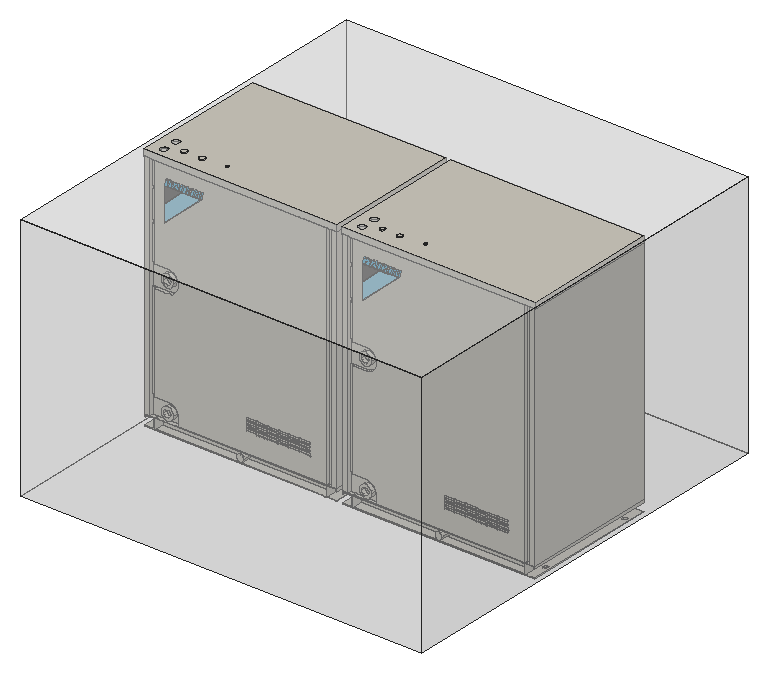
Revit family "outputfile", category 機械設備, Revit 2024
Family settings
  丸型コネクタ寸法 = 半径を使用
  種別 = なし
  パーツ タイプ = 標準
  OmniClass 番号 = 23.75.10.24.21.27.27
  OmniClass タイトル = Split System Air Conditioning Units
  作業面ベース = いいえ
  常に垂直 = はい
  ロード時にボイドで切り取り = いいえ
  注釈の向きを維持 = いいえ
  共有 = いいえ
  部屋計算ポイント = いいえ
Parameters (values of type "RWEYQ18TYM")
  製造元 = "Daikin"
  書き出し IFC クラス(タイプ) = "IfcUnitaryEquipmentType"
  定義済み IFC タイプ(タイプ) = "AIRCONDITIONINGUNIT"
  モデル = "RWEYQ18TYM"
  w_unit2 = 780.0 mm
  w_unit1 = 780.0 mm
  switch_unit2_6-8 [instance] = if(Reverse_ModuleSequence, if(default_unit1 = 1, 1 = 1, 1 = 0), if(default_unit2 = 1, 1 = 1, 1 = 0))  # yes
  switch_unit2_12 [instance] = if(Reverse_ModuleSequence, if(default_unit1 = 3, 1 = 1, 1 = 0), if(default_unit2 = 3, 1 = 1, 1 = 0))  # no
  switch_unit2_10 [instance] = if(Reverse_ModuleSequence, if(default_unit1 = 2, 1 = 1, 1 = 0), if(default_unit2 = 2, 1 = 1, 1 = 0))  # no
  switch_unit1_6-8 [instance] = if(Reverse_ModuleSequence, if(default_unit2 = 1, 1 = 1, 1 = 0), if(default_unit1 = 1, 1 = 1, 1 = 0))  # no
  switch_unit1_12 [instance] = if(Reverse_ModuleSequence, if(default_unit2 = 3, 1 = 1, 1 = 0), if(default_unit1 = 3, 1 = 1, 1 = 0))  # no
  switch_unit1_10 [instance] = if(Reverse_ModuleSequence, if(default_unit2 = 2, 1 = 1, 1 = 0), if(default_unit1 = 2, 1 = 1, 1 = 0))  # yes
  r_Water Outlet Pipe Connection_unit2 [instance] = Water Outlet Pipe Connection_Unit2 / 2  # 15.9 mm
  r_Water Outlet Pipe Connection_unit1 [instance] = Water Outlet Pipe Connection_Unit1 / 2  # 15.9 mm
  r_Water Inlet Pipe Connection_unit2 [instance] = Water Inlet Pipe Connection_Unit2 / 2  # 15.9 mm
  r_Water Inlet Pipe Connection_unit1 [instance] = Water Inlet Pipe Connection_Unit1 / 2  # 15.9 mm
  r_Liquid Pipe Size_unit2 [instance] = Liquid Pipe Size_Unit 2 / 2  # 4.75 mm
  r_HP/LP Gas Pipe Size_unit2 [instance] = [HP/LP Gas Pipe Size_Unit 2] / 2  # 9.55 mm
  r_HP/LP Gas Pipe Size_unit1 [instance] = [HP/LP Gas Pipe Size_Unit 1] / 2  # 11.1 mm
  r_Gas Pipe Size_unit2 [instance] = Gas Pipe Size_Unit 2 / 2  # 9.55 mm
  r_Drain Pipe Size = Drain Pipe Size / 2  # 6.35 mm
  lw_powersupply2 = 51.0 mm
  lw_liquidpipe2 = 274.0 mm
  lw_gaspipe2 [instance] = if(Heat Pump, 107.0 mm, 178.0 mm)  # 107.0 mm
  lw_Water Outlet2 = 95.0 mm
  lw_Water Outlet1 = 95.0 mm
  lw_Water Inlet2 = 95.0 mm
  lw_Water Inlet1 = 95.0 mm
  lw_HP/LP Gas Pipe2 [instance] = if(Heat Pump, 178.0 mm, 107.0 mm)  # 178.0 mm
  lw_HP/LP Gas Pipe1 [instance] = if(Heat Pump, 178.0 mm, 107.0 mm)  # 178.0 mm
  lw_Drain2 = 390.0 mm
  lw_Drain1 = 390.0 mm
  ld_HP/LP Gas Pipe = 69.0 mm
  h_mountinghole = [h_***] + 2.3 mm  # 2.3 mm
  r_Liquid Pipe Size_unit1 [instance] = Liquid Pipe Size_Unit 1 / 2  # 4.75 mm
  r_Gas Pipe Size_unit1 [instance] = Gas Pipe Size_Unit 1 / 2  # 11.1 mm
  distance_unit1-2 [instance] = 20.0 mm
  default_unit2 = 1
  default_unit1 = 2
  default_Water Outlet Pipe Connection_Unit 2 = 31.8 mm
  default_Water Outlet Pipe Connection_Unit 1 = 31.8 mm
  default_Water Inlet Pipe Connection_Unit 2 = 31.8 mm
  default_Water Inlet Pipe Connection_Unit 1 = 31.8 mm
  default_Model_Unit 2 = "RWEYQ8TYM"
  default_Model_Unit 1 = "RWEYQ10TYM"
  default_Liquid Pipe Size_Unit 2 = 9.5 mm
  default_Liquid Pipe Size_Unit 1 = 9.5 mm
  default_HP/LP Gas Pipe Size_Unit 2 [instance] = if(and(Heat Pump, [switch_unit2_6-8]), 19.1 mm, if(and(Heat Pump, switch_unit2_10), 22.2 mm, if(and(Heat Pump, switch_unit2_12), 22.2 mm, if(and(Heat Recovery, [switch_unit2_6-8]), 15.9 mm, if(and(Heat Recovery, switch_unit2_10), 19.1 mm, if(and(Heat Recovery, switch_unit2_12), 19.1 mm, 19.1 mm))))))  # 19.1 mm
  default_HP/LP Gas Pipe Size_Unit 1 [instance] = if(and(Heat Pump, [switch_unit1_6-8]), 19.1 mm, if(and(Heat Pump, switch_unit1_10), 22.2 mm, if(and(Heat Pump, switch_unit1_12), 22.2 mm, if(and(Heat Recovery, [switch_unit1_6-8]), 15.9 mm, if(and(Heat Recovery, switch_unit1_10), 19.1 mm, if(and(Heat Recovery, switch_unit1_12), 19.1 mm, 19.1 mm))))))  # 22.2 mm
  default_Gas Pipe Size_Unit 2 = 19.1 mm
  default_Gas Pipe Size_Unit 1 = 22.2 mm
  angle_Drain [instance] = if(Rear Connection_Drain, 180.00°, 0.00°)  # 0.00°
  Water Outlet Pipe Connection_Unit2 [instance] = if(Reverse_ModuleSequence, default_Water Inlet Pipe Connection_Unit 1, default_Water Inlet Pipe Connection_Unit 2)  # 31.8 mm
  Water Outlet Pipe Connection_Unit1 [instance] = if(Reverse_ModuleSequence, default_Water Outlet Pipe Connection_Unit 2, default_Water Outlet Pipe Connection_Unit 1)  # 31.8 mm
  Water Inlet Pipe Connection_Unit2 [instance] = if(Reverse_ModuleSequence, default_Water Outlet Pipe Connection_Unit 1, default_Water Outlet Pipe Connection_Unit 2)  # 31.8 mm
  Water Inlet Pipe Connection_Unit1 [instance] = if(Reverse_ModuleSequence, default_Water Inlet Pipe Connection_Unit 2, default_Water Inlet Pipe Connection_Unit 1)  # 31.8 mm
  Voltage_comment_60Hz = "380"
  Voltage_comment_50Hz = "380-415"
  Voltage_60Hz = 380 V
  Voltage_50Hz = 400 V
  Top Connection_powersupply2 [instance] = not(Top Connection_powersupply1)  # no
  Sound Power Level (dB) = 74
  Reverse_ModuleSequence [instance] = no
  Rear Connection_Drain [instance] = not(Front Connection_Drain)  # no
  Power Input (Heating) = 9.580 kW
  Phase_60Hz = 3
  Phase_50Hz = 3
  Nominal Heating Capacity = 56.500 kW
  Model_Unit 2 [instance] = if(Reverse_ModuleSequence, default_Model_Unit 1, default_Model_Unit 2)  # "RWEYQ8TYM"
  Model_Unit 1 [instance] = if(Reverse_ModuleSequence, default_Model_Unit 2, default_Model_Unit 1)  # "RWEYQ10TYM"
  Minimum Circuit Amps_60Hz = 27.3 A
  Minimum Circuit Amps_50Hz = 27.3 A
  Maximum Fuse Amps_60Hz = 35.0 A
  Maximum Fuse Amps_50Hz = 35.0 A
  Material_Heat Exchanger = DAIKIN_Blue_HE_outdoorunit
  Material_Casing = DAIKIN_IvoryWhite_Casing_outdoorunit
  lw_powersupply1 = 51.0 mm
  lw_liquidpipe1 = 274.0 mm
  lw_gaspipe1 [instance] = if(Heat Pump, 107.0 mm, 178.0 mm)  # 107.0 mm
  lh_powersupply = 940.0 mm
  ld_powersupply [instance] = if(Top Connection_powersupply1, 38.0 mm, 98.0 mm)  # 38.0 mm
  ld_liquidpipe = 79.0 mm
  ld_gaspipe = 69.0 mm
  h_*** = 0.0 mm
  Width [instance] = [distance_unit1-2] + w_unit1 + w_unit2  # 1580.0 mm
  Version = "ver.1.0"
  Unit Type = ""
  Unit Mass Weight = 293.00 kg
  Unit Designation [instance] = ""
  Uniclass2015Version = "Products v1.30"
  Uniclass2015Title = "Variable refrigerant flow units"
  Uniclass2015Code = "Pr_70_65_03_94"
  Total Cooling Capacity [instance] = 0.000 kW
  Sound Pressure Level (dBA) = 54
  Series = "VRV Heat Recovery"
  Refrigerant_Base Charge = 7.700 kg
  Refrigerant_Additional Charge [instance] = 0.000 kg
  Refrigerant Type = "R410A"
  Power Input (Cooling) = 9.290 kW
  Option Accessory 3 [instance] = ""
  Option Accessory 2 [instance] = ""
  Option Accessory 1 [instance] = ""
  Nominal Cooling Capacity = 50.400 kW
  Load Classification = HVAC
  Liquid Pipe Size_Unit 2 [instance] = if(Reverse_ModuleSequence, default_Liquid Pipe Size_Unit 1, default_Liquid Pipe Size_Unit 2)  # 9.5 mm
  Liquid Pipe Size_Unit 1 [instance] = if(Reverse_ModuleSequence, default_Liquid Pipe Size_Unit 2, default_Liquid Pipe Size_Unit 1)  # 9.5 mm
  Link_Nested Family [instance] = ""
  IfcVersion = ""
  IfcExportType = "AIRCONDITIONINGUNIT"
  IfcExportAs = "IfcUnitaryEquipmentType"
  Height = 1000.0 mm
  Heat Recovery [instance] = not(Heat Pump)  # no
  Heat Pump [instance] = yes
  Heat Exchanger Type = "Stainless Steel Plate"
  HP/LP Gas Pipe Size_Unit 2 [instance] = [default_HP/LP Gas Pipe Size_Unit 2]  # 19.1 mm
  HP/LP Gas Pipe Size_Unit 1 [instance] = [default_HP/LP Gas Pipe Size_Unit 1]  # 22.2 mm
  Gas Pipe Size_Unit 2 [instance] = if(Reverse_ModuleSequence, default_Gas Pipe Size_Unit 1, default_Gas Pipe Size_Unit 2)  # 19.1 mm
  Gas Pipe Size_Unit 1 [instance] = if(Reverse_ModuleSequence, default_Gas Pipe Size_Unit 2, default_Gas Pipe Size_Unit 1)  # 22.2 mm
  Top Connection_powersupply1 [instance] = yes
  Front Connection_Drain [instance] = yes
  Frequency_60Hz = 60 Hz
  Frequency_50Hz = 50 Hz
  Drain Pipe Size = 12.7 mm
  Depth = 550.0 mm
  既定の高さ = 0.0 mm
  Cooling Ambient Wet Bulb Temperature [instance] = 0.00 °C
  Cooling Ambient Dry Bulb Temperature [instance] = 0.00 °C
  Compressor Type = "Hermetically Sealed Scroll Type"
  Clearance visibility [instance] = yes
  Clearance Top = 0.0 mm
  Clearance Right = 20.0 mm
  Clearance Rear = 500.0 mm
  Clearance Left = 20.0 mm
  Clearance Front = 600.0 mm
  Clearance Bottom = 0.0 mm
  CU Tag No. [instance] = ""
Reference planes
  plane 1 "Center (Front/Back)": y = 0
  plane 2 "h_***": z = 0
  plane 3 "Center (Left/Right)": x = 0
  plane 4 "Back": y = 275
  plane 5 "Front": y = -275
  plane 6 "Left": x = -390
  plane 7 "w_unit1": x = 390
  plane 8 "Top": z = 1000
  plane 9 "Clearance Rear": y = 775
  plane 10 "Clearance Front": y = -875
  plane 11 "Clearance Left": x = -410
  plane 12 "Clearance Right": x = 1210
  plane 13 "Clearance Top": z = 1000
  plane 14 "Clearance Bottom": z = 0
  plane 15 "Bottom": z = 0
  plane 16 "lw_powersupply1": x = -339
  plane 17 "ld_powersupply": y = -237
  plane 18 "lw_liquidpipe1": x = -116
  plane 19 "Rear Connection_refrigetant": y = -196
  plane 20 "lw_gaspipe1": x = -283
  plane 21 "ld_gaspipe": y = -206
  plane 22 "lh_logo": z = 900
  plane 23 "lw_logo": x = 100
  plane 24 "lh_powersupply": z = 940
  plane 25 "lw_HP/LP Gas Pipe1": x = -212
  plane 26 "ld_HP/LP Gas Pipe": y = -206
  plane 27 "l_unit2": x = 410
  plane 28 "Right": x = 1190
  plane 29 "lw_powersupply2": x = 461
  plane 30 "lw_liquidpipe2": x = 684
  plane 31 "lw_gaspipe2": x = 517
  plane 32 "lw_HP/LP Gas Pipe2": x = 588
  plane 33 "lw_Water Inlet1": x = -295
  plane 34 "lw_Water Outlet1": x = -295
  plane 35 "lw_Drain1": x = 0
  plane 36 "lw_Water Inlet2": x = 505
  plane 37 "lw_Water Outlet2": x = 505
  plane 38 "lw_Drain2": x = 800
Dimensions and locks
  equal spacing: plane 4 "Back", plane 1 "Center (Front/Back)", plane 5 "Front"
  "Depth": plane 4 "Back" to plane 5 "Front"
  equal spacing: plane 6 "Left", plane 3 "Center (Left/Right)", plane 7 "w_unit1"
  "w_unit1": plane 6 "Left" to plane 7 "w_unit1"
  "Clearance Rear": plane 9 "Clearance Rear" to plane 4 "Back"
  "Clearance Front": plane 10 "Clearance Front" to plane 5 "Front"
  "Clearance Left": plane 11 "Clearance Left" to plane 6 "Left"
  "Clearance Top": plane 13 "Clearance Top" to plane 8 "Top"
  "h_***": plane 15 "Bottom" to plane 2 "h_***"
  "Height": plane 8 "Top" to plane 15 "Bottom"
  "Clearance Bottom": plane 15 "Bottom" to plane 14 "Clearance Bottom"
  "ld_powersupply": plane 17 "ld_powersupply" to plane 5 "Front"
  "ld_liquidpipe": plane 19 "Rear Connection_refrigetant" to plane 5 "Front"
  "ld_gaspipe": plane 21 "ld_gaspipe" to plane 5 "Front"
  locked: plane 23 "lw_logo" to plane 7 "w_unit1" at 290
  locked: plane 22 "lh_logo" to plane 15 "Bottom" at 900
  "lw_gaspipe1": plane 6 "Left" to plane 20 "lw_gaspipe1"
  "lw_liquidpipe1": plane 6 "Left" to plane 18 "lw_liquidpipe1"
  "lw_powersupply1": plane 6 "Left" to plane 16 "lw_powersupply1"
  "lh_powersupply": plane 24 "lh_powersupply" to plane 15 "Bottom"
  "lw_HP/LP Gas Pipe1": plane 6 "Left" to plane 25 "lw_HP/LP Gas Pipe1"
  "ld_HP/LP Gas Pipe": plane 26 "ld_HP/LP Gas Pipe" to plane 5 "Front"
  "distance_unit1-2": plane 7 "w_unit1" to plane 27 "l_unit2"
  "Clearance Right": plane 28 "Right" to plane 12 "Clearance Right"
  "Width": plane 6 "Left" to plane 28 "Right"
  "lw_powersupply2": plane 27 "l_unit2" to plane 29 "lw_powersupply2"
  "lw_HP/LP Gas Pipe2": plane 27 "l_unit2" to plane 32 "lw_HP/LP Gas Pipe2"
  "lw_gaspipe2": plane 27 "l_unit2" to plane 31 "lw_gaspipe2"
  "lw_liquidpipe2": plane 27 "l_unit2" to plane 30 "lw_liquidpipe2"
  "lw_Water Inlet1": plane 6 "Left" to plane 33 "lw_Water Inlet1"
  "lw_Water Outlet1": plane 6 "Left" to plane 34 "lw_Water Outlet1"
  "lw_Drain1": plane 6 "Left" to plane 35 "lw_Drain1"
  "lw_Water Inlet2": plane 27 "l_unit2" to plane 36 "lw_Water Inlet2"
  "lw_Water Outlet2": plane 27 "l_unit2" to plane 37 "lw_Water Outlet2"
  "lw_Drain2": plane 27 "l_unit2" to plane 38 "lw_Drain2"
  aligned and locked: level to plane 2 "h_***"
  aligned and locked: plane 9 "Clearance Rear" to nested 2
  aligned and locked: nested 2 to plane 10 "Clearance Front"
  aligned and locked: plane 11 "Clearance Left" to nested 2
  aligned and locked: plane 12 "Clearance Right" to nested 2
  aligned and locked: plane 13 "Clearance Top" to nested 2
  aligned and locked: plane 14 "Clearance Bottom" to nested 2
  aligned and locked: plane 8 "Top" to nested 1
  aligned and locked: plane 22 "lh_logo" to nested 7
  aligned and locked: nested 8 to plane 16 "lw_powersupply1"
  aligned and locked: nested 9 to plane 20 "lw_gaspipe1"
  aligned and locked: nested 10 to plane 18 "lw_liquidpipe1"
  aligned and locked: nested 10 to plane 19 "Rear Connection_refrigetant"
  aligned and locked: nested 9 to plane 21 "ld_gaspipe"
  aligned and locked: nested 8 to plane 17 "ld_powersupply"
  aligned and locked: plane 5 "Front" to nested 7
  aligned and locked: plane 24 "lh_powersupply" to nested 8
  aligned and locked: plane 27 "l_unit2" to nested 11
  aligned and locked: nested 17 to plane 29 "lw_powersupply2"
  aligned and locked: nested 17 to plane 17 "ld_powersupply"
  aligned and locked: nested 18 to plane 31 "lw_gaspipe2"
  aligned and locked: nested 18 to plane 26 "ld_HP/LP Gas Pipe"
  aligned and locked: plane 1 "Center (Front/Back)" to nested 20
  aligned and locked: plane 33 "lw_Water Inlet1" to nested 20
  aligned and locked: plane 1 "Center (Front/Back)" to nested 21
  aligned and locked: plane 34 "lw_Water Outlet1" to nested 21
  aligned and locked: plane 1 "Center (Front/Back)" to nested 22
  aligned and locked: plane 35 "lw_Drain1" to nested 22
  aligned and locked: plane 1 "Center (Front/Back)" to nested 23
  aligned and locked: plane 36 "lw_Water Inlet2" to nested 23
  aligned and locked: plane 1 "Center (Front/Back)" to nested 24
  aligned and locked: plane 37 "lw_Water Outlet2" to nested 24
  aligned and locked: plane 1 "Center (Front/Back)" to nested 25
  aligned and locked: plane 38 "lw_Drain2" to nested 25
  aligned and locked: plane 25 "lw_HP/LP Gas Pipe1" to nested 26
  aligned and locked: plane 32 "lw_HP/LP Gas Pipe2" to nested 27
  aligned and locked: nested 26 to plane 26 "ld_HP/LP Gas Pipe"
  aligned and locked: nested 27 to plane 26 "ld_HP/LP Gas Pipe"
Nested families
  nested 1: "DAIKIN_outdoorunit_RWEYQ-TYM" at (-31, 0, 0), h_*** <- "h_***", Link_Nest <- "Link_Nested Family", h_mountinghole <- "h_mountinghole", Width <- "w_unit1", switch_unit1_6-8 <- "switch_unit1_6-8", switch_unit1_10 <- "switch_unit1_10", switch_unit1_12 <- "switch_unit1_12", type "RWEYQ-TYM"
    with switch_unit1_6-8 no, switch_unit1_12 no, switch_unit1_10 yes, show_fixedhole yes, h_mountinghole 2.3 mm, h_antenna_mountinghole 998.7 mm, h_*** 0.0 mm, array_bolt 5, Width 780.0 mm, Liquid Pipe Size_Unit 1 9.5 mm, Link_Nest "", HP/LP Pipe Size_Unit 1 22.2 mm, Gas Pipe Size_Unit 1 22.2 mm
  nested 2: "daikin_clearancespace" at (400, -50, 500.119), visible <- "Clearance visibility", show <- "Clearance visibility", Link_Nested Family <- "Link_Nested Family", type "daikin_clearancespace"
    with width 1620.0 mm, show yes, height 1000.0 mm, depth 1650.0 mm, Link_Nested Family ""
  nested 3: "daikin_mountinghole" at (-372, 200, 0), type "daikin_mountinghole"
    with show yes, l_antenna 998.7 mm, h_mountinghole 2.3 mm, Link_Nested Family ""
  nested 4: "daikin_mountinghole" at (372, 200, 0), type "daikin_mountinghole"
    with show yes, l_antenna 998.7 mm, h_mountinghole 2.3 mm, Link_Nested Family ""
  nested 5: "daikin_mountinghole" at (-372, -200, 0), type "daikin_mountinghole"
    with show yes, l_antenna 998.7 mm, h_mountinghole 2.3 mm, Link_Nested Family ""
  nested 6: "daikin_mountinghole" at (372, -200, 0), type "daikin_mountinghole"
    with show yes, l_antenna 998.7 mm, h_mountinghole 2.3 mm, Link_Nested Family ""
  nested 7: "daikin_logo_elevation_w150" at (-212.5, -275, 744.568), type "daikin_logo_elevation_w150"
    with show_logo yes
  nested 8: "daikin_connector_rotate3" at (-339, -237, 940) x (-1, 0, 0) z (0, 0, -1), type "daikin_connector_rotate3"
    with show no, radius 10.0 mm, length 60.0 mm, angle_vertical 0.00°, angle_horizontal 0.00°
  nested 9: "daikin_connector_rotate3" at (-283, -206, 940) x (-1, 0, 0) z (0, 0, -1), radius <- "r_Gas Pipe Size_unit1", type "daikin_connector_rotate3"
    with show no, radius 11.1 mm, length 60.0 mm, angle_vertical 0.00°, angle_horizontal 0.00°
  nested 10: "daikin_connector_rotate3" at (-116, -196, 940) x (-1, 0, 0) z (0, 0, -1), radius <- "r_Liquid Pipe Size_unit1", type "daikin_connector_rotate3"
    with show no, radius 4.75 mm, length 60.0 mm, angle_vertical 0.00°, angle_horizontal 0.00°
  nested 11: "DAIKIN_outdoorunit_RWEYQ-TYM" at (769, 0, 0), Width <- "w_unit2", switch_unit1_6-8 <- "switch_unit2_6-8", switch_unit1_10 <- "switch_unit2_10", switch_unit1_12 <- "switch_unit2_12", type "RWEYQ-TYM"
    with switch_unit1_6-8 yes, switch_unit1_12 no, switch_unit1_10 no, show_fixedhole yes, h_mountinghole 2.3 mm, h_antenna_mountinghole 998.7 mm, h_*** 0.0 mm, array_bolt 5, Width 780.0 mm, Liquid Pipe Size_Unit 1 9.5 mm, Link_Nest "", HP/LP Pipe Size_Unit 1 19.1 mm, Gas Pipe Size_Unit 1 19.1 mm
  nested 12: "daikin_mountinghole" at (428, 200, 0), type "daikin_mountinghole"
    with show yes, l_antenna 998.7 mm, h_mountinghole 2.3 mm, Link_Nested Family ""
  nested 13: "daikin_mountinghole" at (1172, 200, 0), type "daikin_mountinghole"
    with show yes, l_antenna 998.7 mm, h_mountinghole 2.3 mm, Link_Nested Family ""
  nested 14: "daikin_mountinghole" at (428, -200, 0), type "daikin_mountinghole"
    with show yes, l_antenna 998.7 mm, h_mountinghole 2.3 mm, Link_Nested Family ""
  nested 15: "daikin_mountinghole" at (1172, -200, 0), type "daikin_mountinghole"
    with show yes, l_antenna 998.7 mm, h_mountinghole 2.3 mm, Link_Nested Family ""
  nested 16: "daikin_connector_rotate3" at (684, -196, 940) x (-1, 0, 0) z (0, 0, -1), radius <- "r_Liquid Pipe Size_unit2", type "daikin_connector_rotate3"
    with show no, radius 4.75 mm, length 60.0 mm, angle_vertical 0.00°, angle_horizontal 0.00°
  nested 17: "daikin_connector_rotate3" at (461, -237, 940) x (-1, 0, 0) z (0, 0, -1), type "daikin_connector_rotate3"
    with show no, radius 10.0 mm, length 60.0 mm, angle_vertical 0.00°, angle_horizontal 0.00°
  nested 18: "daikin_connector_rotate3" at (517, -206, 940) x (-1, 0, 0) z (0, 0, -1), radius <- "r_Gas Pipe Size_unit2", type "daikin_connector_rotate3"
    with show no, radius 9.55 mm, length 60.0 mm, angle_vertical 0.00°, angle_horizontal 0.00°
  nested 19: "daikin_logo_elevation_w150" at (587.5, -275, 744.568), type "daikin_logo_elevation_w150"
    with show_logo yes
  nested 20: "daikin_connector_rotate3" at (-295, 0, 76), radius <- "r_Water Inlet Pipe Connection_unit1", type "daikin_connector_rotate3"
    with show no, radius 15.9 mm, length 275.0 mm, angle_vertical 90.00°, angle_horizontal 0.00°
  nested 21: "daikin_connector_rotate3" at (-295, 0, 556), radius <- "r_Water Outlet Pipe Connection_unit1", type "daikin_connector_rotate3"
    with show no, radius 15.9 mm, length 275.0 mm, angle_vertical 90.00°, angle_horizontal 0.00°
  nested 22: "daikin_connector_rotate3" at (0, 0, 19), angle_horizontal <- "angle_Drain", radius <- "r_Drain Pipe Size", type "daikin_connector_rotate3"
    with show no, radius 6.35 mm, length 275.0 mm, angle_vertical 90.00°, angle_horizontal 0.00°
  nested 23: "daikin_connector_rotate3" at (505, 0, 76), radius <- "r_Water Inlet Pipe Connection_unit2", type "daikin_connector_rotate3"
    with show no, radius 15.9 mm, length 275.0 mm, angle_vertical 90.00°, angle_horizontal 0.00°
  nested 24: "daikin_connector_rotate3" at (505, 0, 556), radius <- "r_Water Outlet Pipe Connection_unit2", type "daikin_connector_rotate3"
    with show no, radius 15.9 mm, length 275.0 mm, angle_vertical 90.00°, angle_horizontal 0.00°
  nested 25: "daikin_connector_rotate3" at (800, 0, 19), angle_horizontal <- "angle_Drain", radius <- "r_Drain Pipe Size", type "daikin_connector_rotate3"
    with show no, radius 6.35 mm, length 275.0 mm, angle_vertical 90.00°, angle_horizontal 0.00°
  nested 26: "daikin_connector_rotate3" at (-212, -206, 940) x (1, 0, 0) z (0, 0, -1), radius <- "r_HP/LP Gas Pipe Size_unit1", type "daikin_connector_rotate3"
    with show no, radius 11.1 mm, length 60.0 mm, angle_vertical 0.00°, angle_horizontal 0.00°
  nested 27: "daikin_connector_rotate3" at (588, -206, 940) x (1, 0, 0) z (0, 0, -1), radius <- "r_HP/LP Gas Pipe Size_unit2", type "daikin_connector_rotate3"
    with show no, radius 9.55 mm, length 60.0 mm, angle_vertical 0.00°, angle_horizontal 0.00°
Connectors
  piping at (-116, -196, 1000), diameter 9.5, driven by "r_Liquid Pipe Size_unit1"
    settings: on nested 10, index 12, connector inside diameter 609.6 mm, connector length 0.0 mm, flow factor 0, pipe flow 0.00 m³/h, pressure drop 0.0 Pa, fitting loss kfactor 0, connector angle 0.00°, fixture units 0, engagement length 0.0 mm, angle of deflection 0.00°, flow configuration 0, flow direction 2, fitting loss method 0, system type 29, joint type 0, gender type 0, connector reference index -1, connector utility 0, adjustable connector no, is connector primary no, connector description "Refrigerant Liquid Piping1"
  electrical at (-339, -237, 1000), driven by "Load Classification"
    settings: on nested 8, index 13, voltage 0 V, apparent load 0 VA, apparent load phase1 0 VA, apparent load phase2 0 VA, apparent load phase3 0 VA, power factor 1, load classification "HVAC", number of poles 1, system type 30, power factor state 1, is connector primary yes, connector utility no, sub classification motor no, connector description "Power Supply1"
  piping at (684, -196, 1000), diameter 9.5, driven by "r_Liquid Pipe Size_unit2"
    settings: on nested 16, index 15, connector inside diameter 609.6 mm, connector length 0.0 mm, flow factor 0, pipe flow 0.00 m³/h, pressure drop 0.0 Pa, fitting loss kfactor 0, connector angle 0.00°, fixture units 0, engagement length 0.0 mm, angle of deflection 0.00°, flow configuration 0, flow direction 2, fitting loss method 0, system type 29, joint type 0, gender type 0, connector reference index -1, connector utility 0, adjustable connector no, is connector primary no, connector description "Refrigerant Liquid Piping2"
  electrical at (461, -237, 1000), driven by "Load Classification"
    settings: on nested 17, index 17, voltage 0 V, apparent load 0 VA, apparent load phase1 0 VA, apparent load phase2 0 VA, apparent load phase3 0 VA, power factor 1, load classification "HVAC", number of poles 1, system type 30, power factor state 1, is connector primary no, connector utility no, sub classification motor no, connector description "Power Supply2"
  piping at (-295, -275, 556), diameter 31.8, driven by "r_Water Outlet Pipe Connection_unit1"
    settings: on nested 21, index 19, connector inside diameter 609.6 mm, connector length 0.0 mm, flow factor 0, pipe flow 0.00 m³/h, pressure drop 0.0 Pa, fitting loss kfactor 0, connector angle 0.00°, fixture units 0, engagement length 0.0 mm, angle of deflection 0.00°, flow configuration 1, flow direction 2, fitting loss method 0, system type 8, joint type 0, gender type 0, connector reference index -1, connector utility 0, adjustable connector no, is connector primary no, connector description "Cooling Water Outlet Piping 1"
  piping at (-295, -275, 76), diameter 31.8, driven by "r_Water Inlet Pipe Connection_unit1"
    settings: on nested 20, index 20, connector inside diameter 609.6 mm, connector length 0.0 mm, flow factor 0, pipe flow 0.00 m³/h, pressure drop 0.0 Pa, fitting loss kfactor 0, connector angle 0.00°, fixture units 0, engagement length 0.0 mm, angle of deflection 0.00°, flow configuration 1, flow direction 1, fitting loss method 0, system type 7, joint type 0, gender type 0, connector reference index -1, connector utility 0, adjustable connector no, is connector primary no, connector description "Cooling Water Inlet  Piping 1"
  piping at (0, -275, 19), diameter 12.7, driven by "r_Drain Pipe Size"
    settings: on nested 22, index 21, connector inside diameter 609.6 mm, connector length 0.0 mm, flow factor 0, pipe flow 0.00 m³/h, pressure drop 0.0 Pa, fitting loss kfactor 0, connector angle 0.00°, fixture units 0, engagement length 0.0 mm, angle of deflection 0.00°, flow configuration 1, flow direction 2, fitting loss method 4, system type 16, joint type 0, gender type 0, connector reference index -1, connector utility 0, adjustable connector no, is connector primary no, connector description "Condensate Drain Piping 1"
  piping at (505, -275, 556), diameter 31.8, driven by "r_Water Outlet Pipe Connection_unit2"
    settings: on nested 24, index 22, connector inside diameter 609.6 mm, connector length 0.0 mm, flow factor 0, pipe flow 0.00 m³/h, pressure drop 0.0 Pa, fitting loss kfactor 0, connector angle 0.00°, fixture units 0, engagement length 0.0 mm, angle of deflection 0.00°, flow configuration 1, flow direction 2, fitting loss method 0, system type 8, joint type 0, gender type 0, connector reference index -1, connector utility 0, adjustable connector no, is connector primary no, connector description "Cooling Water Outlet Piping 2"
  piping at (505, -275, 76), diameter 31.8, driven by "r_Water Inlet Pipe Connection_unit2"
    settings: on nested 23, index 23, connector inside diameter 609.6 mm, connector length 0.0 mm, flow factor 0, pipe flow 0.00 m³/h, pressure drop 0.0 Pa, fitting loss kfactor 0, connector angle 0.00°, fixture units 0, engagement length 0.0 mm, angle of deflection 0.00°, flow configuration 1, flow direction 1, fitting loss method 0, system type 7, joint type 0, gender type 0, connector reference index -1, connector utility 0, adjustable connector no, is connector primary no, connector description "Cooling Water Inlet  Piping 2"
  piping at (800, -275, 19), diameter 12.7, driven by "r_Drain Pipe Size"
    settings: on nested 25, index 24, connector inside diameter 609.6 mm, connector length 0.0 mm, flow factor 0, pipe flow 0.00 m³/h, pressure drop 0.0 Pa, fitting loss kfactor 0, connector angle 0.00°, fixture units 0, engagement length 0.0 mm, angle of deflection 0.00°, flow configuration 1, flow direction 2, fitting loss method 4, system type 16, joint type 0, gender type 0, connector reference index -1, connector utility 0, adjustable connector no, is connector primary no, connector description "Condensate Drain Piping 2"
  piping at (-212, -206, 1000), diameter 22.2, driven by "r_HP/LP Gas Pipe Size_unit1"
    settings: on nested 26, index 27, connector inside diameter 609.6 mm, connector length 0.0 mm, flow factor 0, pipe flow 0.00 m³/h, pressure drop 0.0 Pa, fitting loss kfactor 0, connector angle 0.00°, fixture units 0, engagement length 0.0 mm, angle of deflection 0.00°, flow configuration 0, flow direction 0, fitting loss method 0, system type 29, joint type 0, gender type 0, connector reference index -1, connector utility 0, adjustable connector no, is connector primary no, connector description "Refrigerant HP/LP Gas Piping1"
  piping at (588, -206, 1000), diameter 19.1, driven by "r_HP/LP Gas Pipe Size_unit2"
    settings: on nested 27, index 28, connector inside diameter 609.6 mm, connector length 0.0 mm, flow factor 0, pipe flow 0.00 m³/h, pressure drop 0.0 Pa, fitting loss kfactor 0, connector angle 0.00°, fixture units 0, engagement length 0.0 mm, angle of deflection 0.00°, flow configuration 0, flow direction 0, fitting loss method 0, system type 29, joint type 0, gender type 0, connector reference index -1, connector utility 0, adjustable connector no, is connector primary no, connector description "Refrigerant HP/LP Gas Piping2"
  piping at (-283, -206, 1000), diameter 22.2, driven by "r_Gas Pipe Size_unit1"
    settings: on nested 9, index 29, connector inside diameter 609.6 mm, connector length 0.0 mm, flow factor 0, pipe flow 0.00 m³/h, pressure drop 0.0 Pa, fitting loss kfactor 0, connector angle 0.00°, fixture units 0, engagement length 0.0 mm, angle of deflection 0.00°, flow configuration 0, flow direction 1, fitting loss method 0, system type 29, joint type 0, gender type 0, connector reference index -1, connector utility 0, adjustable connector no, is connector primary yes, connector description "Refrigerant Gas Piping1"
  piping at (517, -206, 1000), diameter 19.1, driven by "r_Gas Pipe Size_unit2"
    settings: on nested 18, index 30, connector inside diameter 609.6 mm, connector length 0.0 mm, flow factor 0, pipe flow 0.00 m³/h, pressure drop 0.0 Pa, fitting loss kfactor 0, connector angle 0.00°, fixture units 0, engagement length 0.0 mm, angle of deflection 0.00°, flow configuration 0, flow direction 1, fitting loss method 0, system type 29, joint type 0, gender type 0, connector reference index -1, connector utility 0, adjustable connector no, is connector primary no, connector description "Refrigerant Gas Piping2"
Definition of nested family "DAIKIN_outdoorunit_RWEYQ-TYM"
  Parameters (values of type "RWEYQ-TYM")
    w_wiremesh_right = 668.0 mm  # constant formula
    w_wiremesh_left = 590.0 mm  # constant formula
    w_wiremesh_front = 248.0 mm  # constant formula
    switch_unit1_6-8 [instance] = no
    switch_unit1_12 [instance] = yes
    switch_unit1_10 [instance] = no
    show_fixedhole [instance] = yes
    material_heatexchanger = none
    material_casing = none
    ld_hole1_bottom = 154.0 mm  # constant formula
    h_wiremesh = 900.0 mm  # constant formula
    h_mountinghole [instance] = 2.3 mm
    h_antenna_mountinghole [instance] = Height + 1.0 mm - 2.3 mm  # 998.7 mm
    h_*** [instance] = 0.0 mm
    array_bolt [instance] = 5
    Width [instance] = 780.0 mm
    Liquid Pipe Size_Unit 1 [instance] = if([switch_unit1_6-8], 9.5 mm, if(switch_unit1_10, 9.5 mm, if(switch_unit1_12, 12.7 mm, 9.5 mm)))  # 12.7 mm
    Link_Nest [instance] = ""
    Height = 1000.0 mm
    Heat Recovery = not(Heat Pump)  # no
    Heat Pump = yes
    HP/LP Pipe Size_Unit 1_L = if(Heat Pump, 178.0 mm, 107.0 mm)  # 178.0 mm
    HP/LP Pipe Size_Unit 1 [instance] = if(Heat Recovery, if([switch_unit1_6-8], 15.9 mm, if(switch_unit1_10, 19.1 mm, if(switch_unit1_12, 19.1 mm, 15.9 mm))), if([switch_unit1_6-8], 19.1 mm, if(switch_unit1_10, 22.2 mm, if(switch_unit1_12, 22.2 mm, 19.1 mm))))  # 22.2 mm
    Gas Pipe Size_Unit 1_L = if(Heat Pump, 107.0 mm, 178.0 mm)  # 107.0 mm
    Gas Pipe Size_Unit 1_H = 60.0 mm  # constant formula
    Gas Pipe Size_Unit 1 [instance] = if([switch_unit1_6-8], 19.1 mm, if(switch_unit1_10, 22.2 mm, if(switch_unit1_12, 22.2 mm, 19.1 mm)))  # 22.2 mm
    Depth = 550.0 mm
    Default Elevation = 0.0 mm
  Reference planes
    plane 1 "Center (Front/Back)": y = 0
    plane 2 "reference_level": z = 0
    plane 3 "Center (Left/Right)": x = 31
    plane 4 "Bottom": z = 0
    plane 5: x = 421
    plane 6: x = -359
    plane 7 "Back": y = 275
    plane 8 "Front": y = -275
    plane 9: z = 1000
    plane 10: z = 976
    plane 11: y = -255
    plane 12: y = 255
    plane 13: x = -337
    plane 14: x = 399
    plane 15: x = -341
    plane 16: z = 45
    plane 17: x = 403
    plane 18: y = 200
    plane 19: y = -200
    plane 20: z = 1060
    plane 21: z = 19
    plane 22: z = 1000
    plane 23: z = 940
  Forms (mm)
    Extrusion 1, solid, material <- "material_heatexchanger"
      sketch origin (0, 0, 0) x (1, 0, 0) y (0, 1, 0)
        loop
          line (-337, 255) -> (-337, -255) -> (399, -255) -> (399, 255) -> (-337, 255)
      from 54 to 976
    Extrusion 2, void
      sketch origin (0, 350, 0) x (1, 0, 0) y (0, 1, 0)
        loop
          circle (-341, -150) r 8.5
        loop
          circle (403, -150) r 8.5
        loop
          circle (403, -550) r 8.5
        loop
          circle (-341, -550) r 8.5
      from 0 to 29.064
    Extrusion 3, solid, material <- "material_casing"
      sketch origin (620, -305, 0) x (-1, 0, 0) y (0, 0, 1)
        loop
          line (204.3, 35.061) -> (204.3, 42.7) -> (239.7, 42.7) -> (239.7, 2.3) -> (201, 2.3) -> (201, 0) -> (242, 0) -> (242, 45) -> (201, 45) -> (201, 35.061) -> (204.3, 35.061)
        loop
          line (973.7, 35.061) -> (977, 35.061) -> (977, 45) -> (936, 45) -> (936, 0) -> (977, 0) -> (977, 2.3) -> (938.3, 2.3) -> (938.3, 42.7) -> (973.7, 42.7) -> (973.7, 35.061)
      from 30 to 580
    Extrusion 4, solid, material <- "material_casing"
      sketch origin (31, 0, 0) x (0, 1, 0) y (0, 0, 1)
        loop
          line (-275, 45) -> (-275, 42.7) -> (-236.3, 42.7) -> (-236.3, 2.3) -> (-275, 2.3) -> (-275, 0) -> (-234, 0) -> (-234, 45) -> (-275, 45)
        loop
          line (275, 45) -> (234, 45) -> (234, 0) -> (275, 0) -> (275, 2.3) -> (236.3, 2.3) -> (236.3, 42.7) -> (275, 42.7) -> (275, 45)
      from -347 to 347
    Extrusion 5, solid, material <- "material_casing"
      sketch origin (0, 0, 0) x (1, 0, 0) y (0, 1, 0)
        loop
          circle (-85, -196) r 6.35
        loop
          circle (-181, -206) r 11.1
      from 940 to 1000
    Extrusion 6, solid, material <- "material_casing"
      sketch origin (-663.497, -190, 1200) x (-1, 0, 0) y (0, 0, 1)
        loop
          circle (-694.497, -1181) r 14
      from -85 to -46.3
    Extrusion 7, solid, material <- "material_casing"
      sketch origin (-663.497, 321.3, 1200) x (-1, 0, 0) y (0, 0, 1)
        loop
          circle (-694.497, -1181) r 14
      from -85 to -46.3
    Extrusion 8, solid, material <- "material_casing"
      sketch origin (0, -500, 0) x (1, 0, 0) y (0, 1, 0)
        loop
          circle (-252, 294) r 11.1
      from 940 to 1000
  Cuts and joins
    Extrusion 2 cuts Extrusion 3
  Dimensions and locks
    equal spacing: plane 6, plane 3 "Center (Left/Right)", plane 5
    "Width": plane 6 to plane 5
    locked: plane 9 to plane 10 at 24
    "Depth": plane 8 "Front" to plane 7 "Back"
    equal spacing: plane 7 "Back", plane 1 "Center (Front/Back)", plane 8 "Front"
    locked: plane 12 to plane 7 "Back" at 20
    locked: plane 11 to plane 8 "Front" at 20
    locked: plane 6 to plane 13 at 22
    locked: plane 14 to plane 5 at 22
    locked: plane 6 to plane 15 at 18
    "h_***": plane 4 "Bottom" to plane 2 "reference_level"
    locked: plane 16 to plane 4 "Bottom" at 45
    "Height": plane 9 to plane 4 "Bottom"
    locked: plane 5 to Extrusion 3 sketch curve at 2  (x2)
    locked: Extrusion 3 sketch curve to Extrusion 3 sketch curve at 41  (x2)
    locked: Extrusion 3 sketch curve to Extrusion 3 sketch curve at 3.3  (x2)
    locked: Extrusion 3 sketch curve to plane 6 at 2  (x2)
    locked: plane 8 "Front" to Extrusion 4 sketch curve at 41
    locked: Extrusion 4 sketch curve to plane 7 "Back" at 41
    locked: plane 17 to plane 5 at 18
    plane 19 to plane 8 "Front" = 75.0 mm
    locked: plane 18 to plane 7 "Back" at 75
    locked: Extrusion 5 sketch curve to plane 8 "Front" at 79
    locked: plane 6 to Extrusion 5 sketch curve at 274
    "HP/LP Pipe Size_Unit 1_L": plane 6 to Extrusion 5 sketch curve
    locked: Extrusion 5 sketch curve to plane 8 "Front" at 69
    locked: plane 20 to plane 9 at 60
    plane 21 to plane 4 "Bottom" = 19.0 mm
    "Gas Pipe Size_Unit 1_L": plane 6 to Extrusion 8 sketch curve
    locked: Extrusion 8 sketch curve to plane 8 "Front" at 69
    "Gas Pipe Size_Unit 1_H": plane 20 to plane 22
    locked: plane 22 to plane 23 at 60
    "HP/LP Pipe Size_Unit 1": diameter of Extrusion 5 sketch curve
    "Liquid Pipe Size_Unit 1": diameter of Extrusion 5 sketch curve
    "Gas Pipe Size_Unit 1": diameter of Extrusion 8 sketch curve
    aligned and locked: level to plane 2 "reference_level"
    aligned and locked: plane 12 to Extrusion 1 sketch curve
    aligned and locked: plane 11 to Extrusion 1 sketch curve
    aligned and locked: plane 13 to Extrusion 1 sketch curve
    aligned and locked: plane 14 to Extrusion 1 sketch curve
    aligned and locked: plane 10 to Extrusion 1
    aligned and locked: plane 11 to nested 1
    aligned and locked: plane 10 to nested 4
    aligned and locked: nested 5 to plane 9
    aligned and locked: plane 10 to nested 3
    aligned and locked: plane 10 to nested 2
    aligned and locked: plane 13 to nested 4
    aligned and locked: plane 14 to nested 2
    aligned and locked: plane 12 to nested 3
    aligned and locked: plane 15 to nested 7
    aligned and locked: plane 15 to nested 9
    aligned and locked: plane 8 "Front" to nested 5
    aligned and locked: plane 6 to nested 5
    aligned and locked: plane 10 to nested 1
    aligned and locked: plane 13 to nested 1
    aligned and locked: nested 2 to plane 1 "Center (Front/Back)"
    aligned and locked: nested 3 to plane 3 "Center (Left/Right)"
    aligned and locked: plane 1 "Center (Front/Back)" to nested 4
    aligned and locked: nested 6 to plane 3 "Center (Left/Right)"
    aligned and locked: plane 1 "Center (Front/Back)" to nested 6
    aligned and locked: plane 16 to Extrusion 3 sketch curve
    aligned and locked: Extrusion 3 sketch curve to plane 4 "Bottom"
    aligned and locked: Extrusion 3 sketch curve to plane 16
    aligned and locked: plane 4 "Bottom" to Extrusion 3 sketch curve
    aligned and locked: Extrusion 3 to plane 7 "Back"
    aligned and locked: Extrusion 3 to plane 8 "Front"
    aligned and locked: plane 8 "Front" to Extrusion 4 sketch curve  (x2)
    aligned and locked: plane 4 "Bottom" to Extrusion 4 sketch curve
    aligned and locked: Extrusion 4 sketch curve to plane 16
    aligned and locked: Extrusion 4 sketch curve to plane 7 "Back"  (x2)
    aligned and locked: plane 18 to Extrusion 2 sketch curve  (x2)
    aligned and locked: plane 15 to Extrusion 2 sketch curve  (x2)
    aligned and locked: plane 17 to Extrusion 2 sketch curve  (x2)
    aligned and locked: plane 17 to nested 8
    aligned and locked: plane 18 to nested 8
    aligned and locked: plane 18 to nested 7
    aligned and locked: nested 7 to plane 15
    aligned and locked: nested 9 to plane 19
    aligned and locked: nested 9 to plane 15
    aligned and locked: nested 10 to plane 19
    aligned and locked: plane 17 to nested 10
    aligned and locked: plane 19 to Extrusion 2 sketch curve  (x2)
    aligned and locked: plane 3 "Center (Left/Right)" to Extrusion 6 sketch curve
    aligned and locked: plane 21 to Extrusion 6 sketch curve
    aligned and locked: plane 22 to Extrusion 8
    aligned and locked: Extrusion 8 to plane 23
    aligned and locked: Extrusion 5 to plane 23
    aligned and locked: Extrusion 5 to plane 22
  Automatic sketch dimensions
    Extrusion 3 sketch curve to Extrusion 3 sketch curve = 2.3 mm  (x2)
    level to Extrusion 3 sketch curve = 2.3 mm  (x2)
    Extrusion 3 sketch curve to plane 16 = 9.939 mm  (x2)
    Extrusion 3 sketch curve to plane 16 = 2.3 mm  (x2)
    Extrusion 4 sketch curve to level = 0.0 mm
    Extrusion 4 sketch curve to plane 16 = 0.0 mm
    Extrusion 4 sketch curve to Extrusion 4 sketch curve = 2.3 mm  (x2)
    level to Extrusion 4 sketch curve = 2.3 mm  (x2)
    Extrusion 4 sketch curve to plane 16 = 2.3 mm  (x2)
    Extrusion 7 sketch curve to plane 3 "Center (Left/Right)" = 0.0 mm
    Extrusion 7 sketch curve to plane 21 = 0.0 mm
    radius of Extrusion 2 sketch curve = 8.5 mm  (x4)
    radius of Extrusion 6 sketch curve = 14.0 mm
    radius of Extrusion 7 sketch curve = 14.0 mm
  Nested families
    nested 1: "outdoorunit_frontpanel" at (-337, -265, 45), material <- "material_casing", type "frontpanel1"
      with material none
    nested 2: "outdoorunit_rightpanel1" at (409, -275, 45) x (0, 1, 0) z (0, 0, 1), material <- "material_casing", type "frontpanel1"
      with material none
    nested 3: "outdoorunit_backpanel" at (399, 265, 45) x (-1, 0, 0) z (0, 0, 1), material <- "material_casing", type "frontpanel1"
      with material none
    nested 4: "outdoorunit_leftpanel" at (-347, 275, 45) x (0, -1, 0) z (0, 0, 1), material <- "material_casing", type "frontpanel1"
      with material none
    nested 5: "outdoorunit_uppanel" at (-359, -275, 988) x (1, 0, 0) z (0, 1, 0), material <- "material_casing", type "frontpanel1"
      with material none
    nested 6: "outdoorunit_downpanel" at (399, 255, 56) x (-1, 0, 0) z (0, -1, 0), material <- "material_casing", type "frontpanel1"
      with material none
    nested 7: "daikin_mountinghole" at (-341, 200, 0), visible <- "show_fixedhole", Link_Nested Family <- "Link_Nest", l_antenna <- "h_antenna_mountinghole", h_mountinghole <- "h_mountinghole", type "daikin_mountinghole"
      with show yes, l_antenna 998.7 mm, h_mountinghole 2.3 mm, Link_Nested Family ""
    nested 8: "daikin_mountinghole" at (403, 200, 0), visible <- "show_fixedhole", Link_Nested Family <- "Link_Nest", l_antenna <- "h_antenna_mountinghole", h_mountinghole <- "h_mountinghole", type "daikin_mountinghole"
      with show yes, l_antenna 998.7 mm, h_mountinghole 2.3 mm, Link_Nested Family ""
    nested 9: "daikin_mountinghole" at (-341, -200, 0), visible <- "show_fixedhole", Link_Nested Family <- "Link_Nest", l_antenna <- "h_antenna_mountinghole", h_mountinghole <- "h_mountinghole", type "daikin_mountinghole"
      with show yes, l_antenna 998.7 mm, h_mountinghole 2.3 mm, Link_Nested Family ""
    nested 10: "daikin_mountinghole" at (403, -200, 0), visible <- "show_fixedhole", Link_Nested Family <- "Link_Nest", l_antenna <- "h_antenna_mountinghole", h_mountinghole <- "h_mountinghole", type "daikin_mountinghole"
      with show yes, l_antenna 998.7 mm, h_mountinghole 2.3 mm, Link_Nested Family ""
  Definition of nested family "outdoorunit_frontpanel"
    Parameters (values of type "frontpanel1")
      width = 736.0 mm
      material [instance] = none
      height1 = 931.0 mm
      depth = 20.0 mm
      Default Elevation = 0.0 mm
    Reference planes
      plane 1 "Center (Front/Back)": y = 0
      plane 2 "Bottom": z = 0
      plane 3: x = 0
      plane 4 "Back": y = 10
      plane 5 "Front": y = -10
      plane 6: x = 736
      plane 7 "Top": z = 931
      plane 8 "Left": x = 0
      plane 9 "Center L/S": y = 5
      plane 10 "Center L/T": y = -5
    Forms (mm)
      Extrusion 1, solid, material <- "material"
        sketch origin (0, 0, 0) x (1, 0, 0) y (0, 1, 0)
          loop
            line (0, 10) -> (0, -10) -> (736, -10) -> (736, 10) -> (0, 10)
        from 0 to 931
      Extrusion 2, void
        sketch origin (0, 0, 0) x (1, 0, 0) y (0, 0, 1)
          loop
            line (0, 931) -> (0, 0) -> (21, 0) -> (21, 931) -> (0, 931)
          loop
            line (736, 931) -> (715, 931) -> (715, 0) -> (736, 0) -> (736, 931)
        from 0 to 250
      Extrusion 3, void
        sketch origin (0, 0, 0) x (1, 0, 0) y (0, 0, 1)
          loop
            line (2, 931) -> (-33, 931) -> (-33, -14) -> (118, -14) -> (118, 31)
            arc (118, 31) -> (104.82, 62.82) -> (73, 76) r 45
            line (73, 76) -> (2, 76) -> (2, 466) -> (73, 466)
            arc (73, 466) -> (118, 511) -> (73, 556) r 45
            line (73, 556) -> (2, 556) -> (2, 692) -> (10.5, 692)
            arc (10.5, 692) -> (18, 699.5) -> (10.5, 707) r 7.5
            line (10.5, 707) -> (2, 707) -> (2, 817) -> (10.5, 817)
            arc (10.5, 817) -> (18, 824.5) -> (10.5, 832) r 7.5
            line (10.5, 832) -> (2, 832) -> (2, 931)
        from -5 to 250
      Extrusion 4, void
        sketch origin (0, 0, 0) x (1, 0, 0) y (0, 0, 1)
          loop
            line (734, 931) -> (734, 0) -> (972.161, 0) -> (972.161, 931) -> (734, 931)
        from -5 to 250
      Extrusion 5, solid, material <- "material"
        sketch origin (0, 0, 0) x (1, 0, 0) y (0, 0, 1)
          loop
            circle (73, 511) r 25
          loop
            circle (73, 511) r 15.5
          loop
            circle (73, 31) r 25
          loop
            circle (73, 31) r 15.5
        from -5 to 10
      Extrusion 6, void
        sketch origin (0, 0, 0) x (1, 0, 0) y (0, 0, 1)
          loop
            line (390.8, 131) -> (390.8, 118.75) -> (433.5, 118.75) -> (433.5, 131) -> (390.8, 131)
          loop
            line (390.8, 80) -> (433.5, 80) -> (433.5, 92.25) -> (390.8, 92.25) -> (390.8, 80)
          loop
            line (390.8, 117.75) -> (390.8, 106) -> (433.5, 106) -> (433.5, 117.75) -> (390.8, 117.75)
          loop
            line (390.8, 105) -> (390.8, 93.25) -> (433.5, 93.25) -> (433.5, 105) -> (390.8, 105)
          loop
            line (476.7, 131) -> (434.5, 131) -> (434.5, 118.75) -> (476.7, 118.75) -> (476.7, 131)
          loop
            line (434.5, 80) -> (476.7, 80) -> (476.7, 92.25) -> (434.5, 92.25) -> (434.5, 80)
          loop
            line (434.5, 117.75) -> (434.5, 106) -> (476.7, 106) -> (476.7, 117.75) -> (434.5, 117.75)
          loop
            line (434.5, 105) -> (434.5, 93.25) -> (476.7, 93.25) -> (476.7, 105) -> (434.5, 105)
          loop
            line (519.9, 131) -> (477.7, 131) -> (477.7, 118.75) -> (519.9, 118.75) -> (519.9, 131)
          loop
            line (477.7, 80) -> (519.9, 80) -> (519.9, 92.25) -> (477.7, 92.25) -> (477.7, 80)
          loop
            line (477.7, 117.75) -> (477.7, 106) -> (519.9, 106) -> (519.9, 117.75) -> (477.7, 117.75)
          loop
            line (477.7, 105) -> (477.7, 93.25) -> (519.9, 93.25) -> (519.9, 105) -> (477.7, 105)
          loop
            line (563.1, 131) -> (520.9, 131) -> (520.9, 118.75) -> (563.1, 118.75) -> (563.1, 131)
          loop
            line (520.9, 80) -> (563.1, 80) -> (563.1, 92.25) -> (520.9, 92.25) -> (520.9, 80)
          loop
            line (520.9, 117.75) -> (520.9, 106) -> (563.1, 106) -> (563.1, 117.75) -> (520.9, 117.75)
          loop
            line (520.9, 105) -> (520.9, 93.25) -> (563.1, 93.25) -> (563.1, 105) -> (520.9, 105)
          loop
            line (606.3, 131) -> (564.1, 131) -> (564.1, 118.75) -> (606.3, 118.75) -> (606.3, 131)
          loop
            line (564.1, 80) -> (606.3, 80) -> (606.3, 92.25) -> (564.1, 92.25) -> (564.1, 80)
          loop
            line (564.1, 117.75) -> (564.1, 106) -> (606.3, 106) -> (606.3, 117.75) -> (564.1, 117.75)
          loop
            line (564.1, 105) -> (564.1, 93.25) -> (606.3, 93.25) -> (606.3, 105) -> (564.1, 105)
          loop
            line (650, 131) -> (607.3, 131) -> (607.3, 118.75) -> (650, 118.75) -> (650, 131)
          loop
            line (607.3, 80) -> (650, 80) -> (650, 92.25) -> (607.3, 92.25) -> (607.3, 80)
          loop
            line (607.3, 117.75) -> (607.3, 106) -> (650, 106) -> (650, 117.75) -> (607.3, 117.75)
          loop
            line (607.3, 105) -> (607.3, 93.25) -> (650, 93.25) -> (650, 105) -> (607.3, 105)
        from 5 to 250
    Cuts and joins
      Extrusion 2, Extrusion 3, Extrusion 4, Extrusion 6 cuts Extrusion 1
    Dimensions and locks
      equal spacing: plane 4 "Back", plane 1 "Center (Front/Back)", plane 5 "Front"
      "depth": plane 4 "Back" to plane 5 "Front"
      "width": plane 8 "Left" to plane 6
      "height1": plane 7 "Top" to plane 2 "Bottom"
      locked: plane 8 "Left" to Extrusion 2 sketch curve at 21
      locked: Extrusion 2 sketch curve to plane 6 at 21
      locked: plane 9 "Center L/S" to plane 1 "Center (Front/Back)" at 5
      locked: Extrusion 3 sketch curve to Extrusion 3 sketch curve at 15  (x2)
      locked: plane 7 "Top" to Extrusion 3 sketch curve at 99
      locked: Extrusion 3 sketch curve to plane 8 "Left" at 10.5
      locked: Extrusion 3 sketch curve to Extrusion 3 sketch curve at 125
      locked: Extrusion 3 sketch curve to Extrusion 3 sketch curve at 90  (x2)
      locked: Extrusion 3 sketch curve to plane 8 "Left" at 73
      locked: Extrusion 3 sketch curve to Extrusion 3 sketch curve at 136
      locked: Extrusion 3 sketch curve to plane 2 "Bottom" at 76
      locked: Extrusion 3 sketch curve to Extrusion 3 sketch curve at 390
      locked: plane 6 to Extrusion 4 sketch curve at 2
      locked: plane 10 "Center L/T" to plane 1 "Center (Front/Back)" at 5
      aligned and locked: level to plane 2 "Bottom"
      aligned and locked: plane 8 "Left" to Extrusion 1 sketch curve
      aligned and locked: Extrusion 1 sketch curve to plane 4 "Back"
      aligned and locked: plane 5 "Front" to Extrusion 1 sketch curve
      aligned and locked: Extrusion 1 to plane 2 "Bottom"
      aligned and locked: plane 7 "Top" to Extrusion 1
      aligned and locked: plane 3 to plane 8 "Left"
      aligned and locked: plane 8 "Left" to Extrusion 2 sketch curve
      aligned and locked: Extrusion 2 sketch curve to plane 7 "Top"
      aligned and locked: plane 2 "Bottom" to Extrusion 2 sketch curve
      aligned and locked: Extrusion 2 sketch curve to plane 2 "Bottom"
      aligned and locked: plane 6 to Extrusion 2 sketch curve
      aligned and locked: plane 7 "Top" to Extrusion 2 sketch curve
      aligned and locked: Extrusion 2 to plane 1 "Center (Front/Back)"
      aligned and locked: plane 9 "Center L/S" to Extrusion 3
      aligned and locked: Extrusion 4 sketch curve to plane 7 "Top"
      aligned and locked: plane 2 "Bottom" to Extrusion 4 sketch curve
      aligned and locked: Extrusion 4 to plane 9 "Center L/S"
      aligned and locked: Extrusion 5 to plane 5 "Front"
      aligned and locked: plane 9 "Center L/S" to Extrusion 5
      aligned and locked: Extrusion 6 to plane 10 "Center L/T"
    Automatic sketch dimensions
      Extrusion 1 sketch curve to plane 6 = 0.0 mm
      Extrusion 3 sketch curve to plane 7 "Top" = 0.0 mm
      plane 3 to Extrusion 3 sketch curve = 2.0 mm  (x4)
      plane 3 to Extrusion 3 sketch curve = 10.5 mm
      Extrusion 3 sketch curve to Extrusion 3 sketch curve = 71.0 mm
      level to Extrusion 3 sketch curve = 31.0 mm
      Extrusion 3 sketch curve to plane 3 = 33.0 mm
      plane 6 to Extrusion 4 sketch curve = 236.161 mm
      Extrusion 5 sketch curve to Extrusion 5 sketch curve = 0.0 mm  (x4)
      plane 3 to Extrusion 5 sketch curve = 73.0 mm  (x2)
      level to Extrusion 5 sketch curve = 31.0 mm
      Extrusion 5 sketch curve to plane 7 "Top" = 420.0 mm
      level to Extrusion 6 sketch curve = 131.0 mm
      Extrusion 6 sketch curve to plane 6 = 345.2 mm
      Extrusion 6 sketch curve to Extrusion 6 sketch curve = 0.0 mm  (x40)
      Extrusion 6 sketch curve to Extrusion 6 sketch curve = 42.7 mm  (x2)
      Extrusion 6 sketch curve to Extrusion 6 sketch curve = 1.0 mm  (x32)
      Extrusion 6 sketch curve to Extrusion 6 sketch curve = 42.2 mm  (x4)
      Extrusion 6 sketch curve to Extrusion 6 sketch curve = 12.25 mm  (x7)
      Extrusion 6 sketch curve to Extrusion 6 sketch curve = 11.75 mm  (x9)
      radius of Extrusion 5 sketch curve = 25.0 mm  (x2)
      radius of Extrusion 5 sketch curve = 15.5 mm  (x2)
  Definition of nested family "outdoorunit_rightpanel1"
    Parameters (values of type "frontpanel1")
      width = 550.0 mm
      material [instance] = none
      height1 = 931.0 mm
      depth = 20.0 mm
      Default Elevation = 0.0 mm
    Reference planes
      plane 1 "Center (Front/Back)": y = 0
      plane 2 "Bottom": z = 0
      plane 3: x = 0
      plane 4 "Back": y = 10
      plane 5 "Front": y = -10
      plane 6: x = 550
      plane 7 "Top": z = 931
      plane 8 "Left": x = 0
      plane 9: y = -8.75
      plane 10: z = 639
      plane 11: y = -5.75
      plane 12: y = -2.551
      plane 13: y = -13
      plane 14: x = 275
    Forms (mm)
      Extrusion 1, solid, material <- "material"
        sketch origin (0, 0, 0) x (1, 0, 0) y (0, 1, 0)
          loop
            line (0, 10) -> (0, -10) -> (550, -10) -> (550, 10) -> (0, 10)
        from 0 to 931
    Dimensions and locks
      equal spacing: plane 4 "Back", plane 1 "Center (Front/Back)", plane 5 "Front"
      "depth": plane 4 "Back" to plane 5 "Front"
      "width": plane 8 "Left" to plane 6
      "height1": plane 7 "Top" to plane 2 "Bottom"
      locked: plane 10 to plane 2 "Bottom" at 639
      locked: plane 12 to plane 11 at 3.199
      plane 5 "Front" to plane 13 = 3.0 mm
      equal spacing: plane 8 "Left", plane 14, plane 6
      aligned and locked: level to plane 2 "Bottom"
      aligned and locked: plane 8 "Left" to Extrusion 1 sketch curve
      aligned and locked: Extrusion 1 sketch curve to plane 4 "Back"
      aligned and locked: plane 5 "Front" to Extrusion 1 sketch curve
      aligned and locked: Extrusion 1 to plane 2 "Bottom"
      aligned and locked: plane 7 "Top" to Extrusion 1
      aligned and locked: plane 3 to plane 8 "Left"
    Automatic sketch dimensions
      Extrusion 1 sketch curve to plane 6 = 0.0 mm
  Definition of nested family "outdoorunit_backpanel"
    Parameters (values of type "frontpanel1")
      width = 736.0 mm
      material [instance] = none
      height1 = 931.0 mm
      depth = 20.0 mm
      Default Elevation = 0.0 mm
    Reference planes
      plane 1 "Center (Front/Back)": y = 0
      plane 2 "Bottom": z = 0
      plane 3: x = 0
      plane 4 "Back": y = 10
      plane 5 "Front": y = -10
      plane 6: x = 736
      plane 7 "Top": z = 931
      plane 8 "Left": x = 0
      plane 9: z = 639
      plane 10: x = 368
    Forms (mm)
      Extrusion 1, solid, material <- "material"
        sketch origin (0, 0, 0) x (1, 0, 0) y (0, 1, 0)
          loop
            line (0, 10) -> (0, -10) -> (736, -10) -> (736, 10) -> (0, 10)
        from 0 to 931
      Extrusion 2, void
        sketch origin (0, 0, 0) x (1, 0, 0) y (0, 1, 0)
          loop
            line (0, -4) -> (0, -10) -> (21, -10) -> (21, -7) -> (2, -7) -> (2, -4) -> (0, -4)
          loop
            line (736, -4) -> (734, -4) -> (734, -7) -> (715, -7) -> (715, -10) -> (736, -10) -> (736, -4)
        from 0 to 931
    Cuts and joins
      Extrusion 2 cuts Extrusion 1
    Dimensions and locks
      equal spacing: plane 4 "Back", plane 1 "Center (Front/Back)", plane 5 "Front"
      "depth": plane 4 "Back" to plane 5 "Front"
      "width": plane 8 "Left" to plane 6
      "height1": plane 7 "Top" to plane 2 "Bottom"
      locked: plane 9 to plane 2 "Bottom" at 639
      equal spacing: plane 8 "Left", plane 10, plane 6
      aligned and locked: level to plane 2 "Bottom"
      aligned and locked: plane 8 "Left" to Extrusion 1 sketch curve
      aligned and locked: Extrusion 1 sketch curve to plane 4 "Back"
      aligned and locked: plane 5 "Front" to Extrusion 1 sketch curve
      aligned and locked: Extrusion 1 to plane 2 "Bottom"
      aligned and locked: plane 7 "Top" to Extrusion 1
      aligned and locked: plane 3 to plane 8 "Left"
    Automatic sketch dimensions
      Extrusion 1 sketch curve to plane 6 = 0.0 mm
      Extrusion 2 sketch curve to plane 3 = 0.0 mm
      Extrusion 2 sketch curve to plane 5 "Front" = 0.0 mm  (x2)
      Extrusion 2 sketch curve to plane 6 = 0.0 mm
      plane 3 to Extrusion 2 sketch curve = 2.0 mm
      Extrusion 2 sketch curve to Extrusion 2 sketch curve = 19.0 mm
      Extrusion 2 sketch curve to Extrusion 2 sketch curve = 21.0 mm
      Extrusion 2 sketch curve to plane 6 = 2.0 mm
      Extrusion 2 sketch curve to Extrusion 2 sketch curve = 3.0 mm  (x4)
  Definition of nested family "outdoorunit_leftpanel"
    Parameters (values of type "frontpanel1")
      width = 550.0 mm
      material [instance] = none
      height1 = 931.0 mm
      depth = 20.0 mm
      Default Elevation = 0.0 mm
    Reference planes
      plane 1 "Center (Front/Back)": y = 0
      plane 2 "Bottom": z = 0
      plane 3: x = 0
      plane 4 "Back": y = 10
      plane 5 "Front": y = -10
      plane 6: x = 550
      plane 7 "Top": z = 931
      plane 8 "Left": x = 0
      plane 9: y = -8.75
      plane 10: z = 639
      plane 11: y = -5.75
      plane 12: y = -2.551
      plane 13: y = -13
      plane 14: x = 275
    Forms (mm)
      Extrusion 1, solid, material <- "material"
        sketch origin (0, 0, 0) x (1, 0, 0) y (0, 1, 0)
          loop
            line (0, 10) -> (0, -10) -> (550, -10) -> (550, 10) -> (0, 10)
        from 0 to 931
    Dimensions and locks
      equal spacing: plane 4 "Back", plane 1 "Center (Front/Back)", plane 5 "Front"
      "depth": plane 4 "Back" to plane 5 "Front"
      "width": plane 8 "Left" to plane 6
      "height1": plane 7 "Top" to plane 2 "Bottom"
      locked: plane 10 to plane 2 "Bottom" at 639
      locked: plane 12 to plane 11 at 3.199
      plane 5 "Front" to plane 13 = 3.0 mm
      equal spacing: plane 8 "Left", plane 14, plane 6
      aligned and locked: level to plane 2 "Bottom"
      aligned and locked: plane 8 "Left" to Extrusion 1 sketch curve
      aligned and locked: Extrusion 1 sketch curve to plane 4 "Back"
      aligned and locked: plane 5 "Front" to Extrusion 1 sketch curve
      aligned and locked: Extrusion 1 to plane 2 "Bottom"
      aligned and locked: plane 7 "Top" to Extrusion 1
      aligned and locked: plane 3 to plane 8 "Left"
    Automatic sketch dimensions
      Extrusion 1 sketch curve to plane 6 = 0.0 mm
  Definition of nested family "outdoorunit_uppanel"
    Parameters (values of type "frontpanel1")
      width = 780.0 mm
      material [instance] = none
      height1 = 550.0 mm
      depth = 24.0 mm
      Default Elevation = 0.0 mm
    Reference planes
      plane 1 "Center (Front/Back)": y = 0
      plane 2 "Bottom": z = 0
      plane 3: x = 0
      plane 4 "Back": y = 12
      plane 5 "Front": y = -12
      plane 6: x = 780
      plane 7 "Top": z = 550
      plane 8 "Left": x = 0
      plane 9: y = -8.75
      plane 10: z = 639
      plane 11: y = -5.75
      plane 12: y = -2.551
    Forms (mm)
      Extrusion 1, solid, material <- "material"
        sketch origin (0, 0, 0) x (1, 0, 0) y (0, 1, 0)
          loop
            line (0, 12) -> (0, -12) -> (780, -12) -> (780, 12) -> (0, 12)
        from 0 to 550
      Extrusion 2, void
        sketch origin (0, 0, 0) x (1, 0, 0) y (0, 0, 1)
          loop
            circle (51, 38) r 14.5
          loop
            circle (51, 98) r 14.5
        from 9 to 12
    Cuts and joins
      Extrusion 2 cuts Extrusion 1
    Dimensions and locks
      equal spacing: plane 4 "Back", plane 1 "Center (Front/Back)", plane 5 "Front"
      "depth": plane 4 "Back" to plane 5 "Front"
      "width": plane 8 "Left" to plane 6
      "height1": plane 7 "Top" to plane 2 "Bottom"
      locked: plane 10 to plane 2 "Bottom" at 639
      locked: Extrusion 2 sketch curve to plane 8 "Left" at 51  (x2)
      locked: Extrusion 2 sketch curve to level at 38
      locked: Extrusion 2 sketch curve to Extrusion 2 sketch curve at 60
      aligned and locked: level to plane 2 "Bottom"
      aligned and locked: plane 8 "Left" to Extrusion 1 sketch curve
      aligned and locked: Extrusion 1 sketch curve to plane 4 "Back"
      aligned and locked: Extrusion 1 sketch curve to plane 5 "Front"
      aligned and locked: Extrusion 1 to plane 2 "Bottom"
      aligned and locked: plane 7 "Top" to Extrusion 1
      aligned and locked: plane 3 to plane 8 "Left"
    Automatic sketch dimensions
      Extrusion 1 sketch curve to plane 6 = 0.0 mm
      radius of Extrusion 2 sketch curve = 14.5 mm  (x2)
  Definition of nested family "outdoorunit_downpanel"
    Parameters (values of type "frontpanel1")
      width = 736.0 mm
      material [instance] = none
      height1 = 510.0 mm
      depth = 20.0 mm
      Default Elevation = 0.0 mm
    Reference planes
      plane 1 "Center (Front/Back)": y = 0
